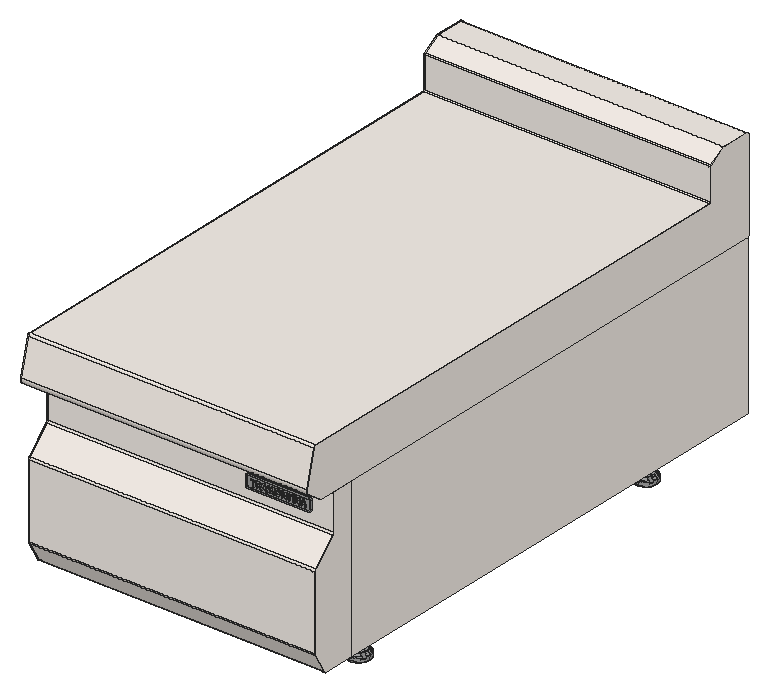
Revit family "67391907_Elemento neutro de apoio 400", category Mechanical Equipment, Revit 2019
Family settings
  Round Connector Dimension = Use Diameter
  Classification = None
  Part Type = Normal
  Work Plane-Based = No
  Always vertical = Yes
  Cut with Voids When Loaded = No
  Shared = No
  Room Calculation Point = No
Parameters
  RFA Designer = "Projetos e Eventos Consultoria"  # constant formula
  Pés Niveladores [instance] = yes
  Model = "67391907"  # constant formula
  Manufacturer = "Tramontina"  # constant formula
  Draw by = "Projetos e Eventos Consultoria"  # constant formula
  Description = "Elemento neutro de apoio 400 - Countertop"  # constant formula
  Contact RFA Designer Family = "celbbarrossp@gmail.com"  # constant formula
Reference planes
  plane 1 "Center (Front/Back)": y = 0
  plane 2: z = 0
  plane 3 "Center (Left/Right)": x = 0
Forms (mm)
  Extrusion 1, solid, material "Metal"
    sketch origin (0, 0, 0) x (1, 0, 0) y (0, 1, 0)
      loop
        line (0, -692.5) -> (400, -692.5) -> (400, 0) -> (0, 0) -> (0, -692.5)
      loop
        line (0.8, -0.8) -> (0.8, -691.7) -> (399.2, -691.7) -> (399.2, -0.8) -> (0.8, -0.8)
    from 32 to 252
  Extrusion 2, solid, material "chapa"
    sketch origin (0, 0, 0) x (1, 0, 0) y (0, 1, 0)
      loop
        line (0.8, -0.8) -> (0.8, -691.7) -> (399.2, -691.7) -> (399.2, -0.8) -> (0.8, -0.8)
    from 32 to 32.8
  Extrusion 3, solid, material "Metal"
    sketch origin (0, 0, 32) x (0, 1, 0) y (0, 0, 1)
      loop
        line (-2.017, 351.159) -> (-41.041, 351.159)
        arc (-41.041, 351.159) -> (-41.456, 351.102) -> (-41.842, 350.936) r 1.556
        line (-41.842, 350.936) -> (-63.832, 337.723)
        arc (-63.832, 337.723) -> (-64.593, 336.942) -> (-64.871, 335.887) r 2.142
        line (-64.871, 335.887) -> (-64.871, 292.176)
        arc (-64.871, 292.176) -> (-65.195, 291.394) -> (-65.977, 291.07) r 1.106
        line (-65.977, 291.07) -> (-752.102, 291.07)
        arc (-752.102, 291.07) -> (-753.944, 290.445) -> (-755.024, 288.827) r 3.026
        line (-755.024, 288.827) -> (-767.7, 241.52)
        arc (-767.7, 241.52) -> (-767.516, 237.299) -> (-764.943, 233.947) r 7.026
        line (-764.943, 233.947) -> (-746.317, 220.904)
        arc (-746.317, 220.904) -> (-744.952, 220.231) -> (-743.449, 220) r 5
        line (-743.449, 220) -> (-2.011, 220)
        arc (-2.011, 220) -> (-0.589, 220.589) -> (0, 222.011) r 2.011
        line (0, 222.011) -> (0, 349.142)
        arc (0, 349.142) -> (-0.591, 350.568) -> (-2.017, 351.159) r 2.017
    from 0 to 0.8
  Extrusion 4, solid, material "Metal"
    sketch origin (0, 0, 32) x (0, 1, 0) y (0, 0, 1)
      loop
        arc (0, 349.142) -> (-0.591, 350.568) -> (-2.017, 351.159) r 2.017
        line (-2.017, 351.159) -> (-41.041, 351.159)
        arc (-41.041, 351.159) -> (-41.456, 351.102) -> (-41.842, 350.936) r 1.556
        line (-41.842, 350.936) -> (-63.832, 337.723)
        arc (-63.832, 337.723) -> (-64.593, 336.942) -> (-64.871, 335.887) r 2.142
        line (-64.871, 335.887) -> (-64.871, 292.176)
        arc (-64.871, 292.176) -> (-65.195, 291.394) -> (-65.977, 291.07) r 1.106
        line (-65.977, 291.07) -> (-752.102, 291.07)
        arc (-752.102, 291.07) -> (-753.944, 290.445) -> (-755.024, 288.827) r 3.026
        line (-755.024, 288.827) -> (-767.7, 241.52)
        arc (-767.7, 241.52) -> (-767.516, 237.299) -> (-764.943, 233.947) r 7.026
        line (-764.943, 233.947) -> (-746.317, 220.904)
        arc (-746.317, 220.904) -> (-744.952, 220.231) -> (-743.449, 220) r 5
        line (-743.449, 220) -> (-2.011, 220)
        arc (-2.011, 220) -> (-0.589, 220.589) -> (0, 222.011) r 2.011
        line (0, 222.011) -> (0, 349.142)
      loop
        arc (-0.8, 349.142) -> (-1.156, 350.002) -> (-2.017, 350.359) r 1.217
        line (-2.017, 350.359) -> (-41.25, 350.359) -> (-63.42, 337.037)
        arc (-63.42, 337.037) -> (-63.897, 336.548) -> (-64.071, 335.887) r 1.342
        line (-64.071, 335.887) -> (-64.071, 292.176)
        arc (-64.071, 292.176) -> (-64.629, 290.828) -> (-65.977, 290.27) r 1.906
        line (-65.977, 290.27) -> (-752.102, 290.27)
        arc (-752.102, 290.27) -> (-753.457, 289.81) -> (-754.251, 288.62) r 2.226
        line (-754.251, 288.62) -> (-766.927, 241.313)
        arc (-766.927, 241.313) -> (-766.764, 237.573) -> (-764.485, 234.602) r 6.226
        line (-764.485, 234.602) -> (-745.858, 221.56)
        arc (-745.858, 221.56) -> (-744.712, 220.994) -> (-743.449, 220.8) r 4.2
        line (-743.449, 220.8) -> (-2.011, 220.8)
        arc (-2.011, 220.8) -> (-1.155, 221.155) -> (-0.8, 222.011) r 1.211
        line (-0.8, 222.011) -> (-0.8, 349.142)
    from 0.8 to 399.2
  Extrusion 5, solid, material "Metal"
    sketch origin (399.2, 0, 32) x (0, 1, 0) y (0, 0, 1)
      loop
        line (-2.017, 351.159) -> (-41.041, 351.159)
        arc (-41.041, 351.159) -> (-41.456, 351.102) -> (-41.842, 350.936) r 1.556
        line (-41.842, 350.936) -> (-63.832, 337.723)
        arc (-63.832, 337.723) -> (-64.593, 336.942) -> (-64.871, 335.887) r 2.142
        line (-64.871, 335.887) -> (-64.871, 292.176)
        arc (-64.871, 292.176) -> (-65.195, 291.394) -> (-65.977, 291.07) r 1.106
        line (-65.977, 291.07) -> (-752.102, 291.07)
        arc (-752.102, 291.07) -> (-753.944, 290.445) -> (-755.024, 288.827) r 3.026
        line (-755.024, 288.827) -> (-767.7, 241.52)
        arc (-767.7, 241.52) -> (-767.516, 237.299) -> (-764.943, 233.947) r 7.026
        line (-764.943, 233.947) -> (-746.317, 220.904)
        arc (-746.317, 220.904) -> (-744.952, 220.231) -> (-743.449, 220) r 5
        line (-743.449, 220) -> (-2.011, 220)
        arc (-2.011, 220) -> (-0.589, 220.589) -> (0, 222.011) r 2.011
        line (0, 222.011) -> (0, 349.142)
        arc (0, 349.142) -> (-0.591, 350.568) -> (-2.017, 351.159) r 2.017
    from 0 to 0.8
  Extrusion 6, solid, material "Metal"
    sketch origin (0, 0, 32) x (0, 1, 0) y (0, 0, 1)
      loop
        line (-692.5, 218.848) -> (-719.478, 218.848)
        arc (-719.478, 218.848) -> (-720.861, 218.275) -> (-721.433, 216.892) r 1.956
        line (-721.433, 216.892) -> (-721.433, 168.592)
        arc (-721.433, 168.592) -> (-721.779, 166.854) -> (-722.763, 165.381) r 4.54
        line (-722.763, 165.381) -> (-751.95, 136.195)
        arc (-751.95, 136.195) -> (-753.034, 134.572) -> (-753.414, 132.659) r 5
        line (-753.414, 132.659) -> (-753.414, 30.694)
        arc (-753.414, 30.694) -> (-753.244, 29.4) -> (-752.744, 28.194) r 5
        line (-752.744, 28.194) -> (-737.306, 1.454)
        arc (-737.306, 1.454) -> (-736.242, 0.39) -> (-734.788, 0) r 2.907
        line (-734.788, 0) -> (-692.5, 0) -> (-692.5, 218.848)
    from 0 to 0.8
  Extrusion 7, solid, material "Metal"
    sketch origin (0, 0, 32) x (0, 1, 0) y (0, 0, 1)
      loop
        line (-692.5, 218.848) -> (-719.478, 218.848)
        arc (-719.478, 218.848) -> (-720.861, 218.275) -> (-721.433, 216.892) r 1.956
        line (-721.433, 216.892) -> (-721.433, 168.592)
        arc (-721.433, 168.592) -> (-721.779, 166.854) -> (-722.763, 165.381) r 4.54
        line (-722.763, 165.381) -> (-751.95, 136.195)
        arc (-751.95, 136.195) -> (-753.034, 134.572) -> (-753.414, 132.659) r 5
        line (-753.414, 132.659) -> (-753.414, 30.694)
        arc (-753.414, 30.694) -> (-753.244, 29.4) -> (-752.744, 28.194) r 5
        line (-752.744, 28.194) -> (-737.306, 1.454)
        arc (-737.306, 1.454) -> (-736.242, 0.39) -> (-734.788, 0) r 2.907
        line (-734.788, 0) -> (-692.5, 0) -> (-692.5, 218.848)
      loop
        line (-693.3, 0.8) -> (-693.3, 218.048) -> (-719.478, 218.048)
        arc (-719.478, 218.048) -> (-720.295, 217.71) -> (-720.633, 216.892) r 1.156
        line (-720.633, 216.892) -> (-720.633, 168.592)
        arc (-720.633, 168.592) -> (-721.04, 166.548) -> (-722.197, 164.816) r 5.34
        line (-722.197, 164.816) -> (-751.384, 135.629)
        arc (-751.384, 135.629) -> (-752.295, 134.266) -> (-752.614, 132.659) r 4.2
        line (-752.614, 132.659) -> (-752.614, 30.694)
        arc (-752.614, 30.694) -> (-752.471, 29.607) -> (-752.052, 28.594) r 4.2
        line (-752.052, 28.594) -> (-736.613, 1.854)
        arc (-736.613, 1.854) -> (-735.842, 1.082) -> (-734.788, 0.8) r 2.107
        line (-734.788, 0.8) -> (-693.3, 0.8)
    from 0.8 to 399.243
  Extrusion 8, solid, material "Metal"
    sketch origin (400.043, 0, 32) x (0, 1, 0) y (0, 0, -1)
      loop
        line (-692.5, -218.848) -> (-692.5, 0) -> (-734.788, 0)
        arc (-734.788, 0) -> (-736.242, -0.39) -> (-737.306, -1.454) r 2.907
        line (-737.306, -1.454) -> (-752.744, -28.194)
        arc (-752.744, -28.194) -> (-753.244, -29.4) -> (-753.414, -30.694) r 5
        line (-753.414, -30.694) -> (-753.414, -132.659)
        arc (-753.414, -132.659) -> (-753.034, -134.572) -> (-751.95, -136.195) r 5
        line (-751.95, -136.195) -> (-722.763, -165.381)
        arc (-722.763, -165.381) -> (-721.779, -166.854) -> (-721.433, -168.592) r 4.54
        line (-721.433, -168.592) -> (-721.433, -216.892)
        arc (-721.433, -216.892) -> (-720.861, -218.275) -> (-719.478, -218.848) r 1.956
        line (-719.478, -218.848) -> (-692.5, -218.848)
    from 0 to 0.8
  Extrusion 9, void
    sketch origin (0, 0, 32) x (1, 0, 0) y (0, 0, 1)
      loop
        line (41.8, 211.625) -> (41.8, 208.625) -> (71.8, 208.625) -> (71.8, 211.625) -> (41.8, 211.625)
      loop
        line (112.8, 211.625) -> (112.8, 208.625) -> (142.8, 208.625) -> (142.8, 211.625) -> (112.8, 211.625)
      loop
        line (183.8, 211.625) -> (183.8, 208.625) -> (213.8, 208.625) -> (213.8, 211.625) -> (183.8, 211.625)
      loop
        line (254.8, 211.625) -> (254.8, 208.625) -> (284.8, 208.625) -> (284.8, 211.625) -> (254.8, 211.625)
      loop
        line (325.8, 211.625) -> (325.8, 208.625) -> (355.8, 208.625) -> (355.8, 211.625) -> (325.8, 211.625)
    from 671.284 to 783.304
Cuts and joins
  Extrusion 9 cuts Extrusion 1
  Extrusion 9 cuts Extrusion 7
Dimensions and locks
  aligned and locked: level to plane 2
Nested families
  nested 1: "logo" at (278.75, -721.433, 215.048) x (1, 0, 0) z (0, -1, 0), type "logo"
  nested 2: "Pé nivelador" at (30, -640, -0.041), visible <- "Pés Niveladores", type "Pé nivelador"
  nested 3: "Pé nivelador" at (370, -640, -0.041), visible <- "Pés Niveladores", type "Pé nivelador"
  nested 4: "Pé nivelador" at (30, -140, -0.041), visible <- "Pés Niveladores", type "Pé nivelador"
  nested 5: "Pé nivelador" at (370, -140, -0.041), visible <- "Pés Niveladores", type "Pé nivelador"
Definition of nested family "logo"
  Parameters (values of type "logo")
    Default Elevation = 1219.2 mm
  Reference planes
    plane 1 "Center (Front/Back)": y = 0
    plane 2: z = 0
    plane 3 "Center (Left/Right)": x = 0
  Forms (mm)
    Extrusion 1, solid
      sketch origin (0, 0, 0) x (1, 0, 0) y (0, 1, 0)
        loop
          line (-1219.2, 1219.2) -> (-1219.2, -1219.2) -> (1219.2, -1219.2) -> (1219.2, 1219.2) -> (-1219.2, 1219.2)
      from 0 to -304.8
    Extrusion 2, solid
      sketch origin (0, 0, 0) x (1, 0, 0) y (0, 1, 0)
        loop
          line (7.411, 13.009) -> (7.411, 11.471) -> (9.698, 11.471) -> (9.698, 4.536) -> (11.429, 4.536) -> (11.429, 11.471) -> (13.723, 11.471) -> (13.723, 13.009) -> (7.411, 13.009)
        loop
          line (14.647, 13.009) -> (14.647, 4.536) -> (16.134, 4.536) -> (16.134, 7.699) -> (17.352, 7.699) -> (19.034, 4.536) -> (20.731, 4.536) -> (18.809, 8.004)
          arc (18.809, 8.004) -> (20.191, 10.949) -> (17.673, 13.009) r 2.646
          line (17.673, 13.009) -> (14.647, 13.009)
        loop
          line (16.134, 9.183) -> (17.519, 9.183)
          arc (17.519, 9.183) -> (18.681, 10.345) -> (17.519, 11.507) r 1.162
          line (17.519, 11.507) -> (16.134, 11.507) -> (16.134, 9.183)
        loop
          line (20.935, 4.536) -> (22.654, 4.536) -> (23.29, 6.385) -> (26.588, 6.385) -> (27.373, 4.536) -> (29.032, 4.536) -> (25.779, 13.009) -> (24.131, 13.009) -> (20.935, 4.536)
        loop
          line (29.373, 4.536) -> (31.046, 4.536) -> (31.752, 10.286) -> (33.667, 5.296) -> (34.987, 5.296) -> (36.866, 10.193) -> (37.534, 4.536) -> (39.316, 4.536) -> (37.974, 13.009) -> (36.517, 13.009) -> (34.36, 7.441) -> (32.185, 13.009) -> (30.696, 13.009) -> (29.373, 4.536)
        loop
          circle (43.975, 8.719) r 4.293
        loop
          circle (43.975, 8.719) r 2.793
        loop
          line (49.363, 13.009) -> (49.363, 4.58) -> (50.987, 4.58) -> (50.987, 10.3) -> (54.946, 4.58) -> (56.448, 4.58) -> (56.448, 13.009) -> (54.843, 13.009) -> (54.843, 7.177) -> (50.928, 13.009) -> (49.363, 13.009)
        loop
          line (57.393, 13.009) -> (57.393, 11.471) -> (59.68, 11.471) -> (59.68, 4.536) -> (61.411, 4.536) -> (61.411, 11.471) -> (63.704, 11.471) -> (63.704, 13.009) -> (57.393, 13.009)
        loop
          line (75.863, 4.536) -> (77.581, 4.536) -> (78.218, 6.385) -> (81.515, 6.385) -> (82.3, 4.536) -> (83.959, 4.536) -> (80.707, 13.009) -> (79.058, 13.009) -> (75.863, 4.536)
        loop
          line (64.665, 13.009) -> (64.665, 4.536) -> (66.362, 4.536) -> (66.362, 13.009) -> (64.665, 13.009)
        loop
          line (67.94, 13.009) -> (67.94, 4.58) -> (69.565, 4.58) -> (69.565, 10.3) -> (73.524, 4.58) -> (75.026, 4.58) -> (75.026, 13.009) -> (73.421, 13.009) -> (73.421, 7.177) -> (69.505, 13.009) -> (67.94, 13.009)
        loop
          line (26.031, 8.003) -> (24.939, 11.173) -> (23.848, 8.003) -> (26.031, 8.003)
        loop
          line (80.958, 8.003) -> (79.867, 11.173) -> (78.775, 8.003) -> (80.958, 8.003)
      from 1.5 to 2
    Extrusion 3, solid
      sketch origin (0, 0, 0) x (1, 0, 0) y (0, 1, 0)
        loop
          arc (3.75, 18.589) -> (1.098, 17.491) -> (0, 14.839) r 3.75
          line (0, 14.839) -> (0, 3.75)
          arc (0, 3.75) -> (1.098, 1.098) -> (3.75, 0) r 3.75
          line (3.75, 0) -> (87.075, 0)
          arc (87.075, 0) -> (89.727, 1.098) -> (90.825, 3.75) r 3.75
          line (90.825, 3.75) -> (90.825, 14.839)
          arc (90.825, 14.839) -> (89.727, 17.491) -> (87.075, 18.589) r 3.75
          line (87.075, 18.589) -> (3.75, 18.589)
        loop
          arc (3.75, 17.089) -> (2.159, 16.43) -> (1.5, 14.839) r 2.25
          line (1.5, 14.839) -> (1.5, 3.75)
          arc (1.5, 3.75) -> (2.159, 2.159) -> (3.75, 1.5) r 2.25
          line (3.75, 1.5) -> (87.075, 1.5)
          arc (87.075, 1.5) -> (88.666, 2.159) -> (89.325, 3.75) r 2.25
          line (89.325, 3.75) -> (89.325, 14.839)
          arc (89.325, 14.839) -> (88.666, 16.43) -> (87.075, 17.089) r 2.25
          line (87.075, 17.089) -> (3.75, 17.089)
      from 0 to 2.5
    Extrusion 4, solid
      sketch origin (0, 0, 0) x (1, 0, 0) y (0, 1, 0)
        loop
          arc (3.75, 17.089) -> (2.159, 16.43) -> (1.5, 14.839) r 2.25
          line (1.5, 14.839) -> (1.5, 3.75)
          arc (1.5, 3.75) -> (2.159, 2.159) -> (3.75, 1.5) r 2.25
          line (3.75, 1.5) -> (87.075, 1.5)
          arc (87.075, 1.5) -> (88.666, 2.159) -> (89.325, 3.75) r 2.25
          line (89.325, 3.75) -> (89.325, 14.839)
          arc (89.325, 14.839) -> (88.666, 16.43) -> (87.075, 17.089) r 2.25
          line (87.075, 17.089) -> (3.75, 17.089)
      from 0 to 1.5
  Dimensions and locks
    aligned and locked: plane 2 to Extrusion 1
    aligned and locked: level to Extrusion 1
Definition of nested family "Pé nivelador"
  Reference planes
    plane 1 "Center (Front/Back)": y = 0
    plane 2: z = 0
    plane 3 "Center (Left/Right)": x = 0
  Forms (mm)
    Revolve 1, solid
      sketch origin (0, 0, 0) x (1, 0, 0) y (0, 0, 1)
        loop
          line (-14.395, 0) -> (-0.163, 0) -> (-0.163, 8.5) -> (-4.145, 8.5) -> (-4.145, 9.48)
          arc (-4.145, 9.48) -> (-4.297, 9.848) -> (-4.665, 10) r 0.52
          line (-4.665, 10) -> (-10.266, 10)
          arc (-10.266, 10) -> (-10.805, 9.899) -> (-11.272, 9.61) r 1.491
          line (-11.272, 9.61) -> (-14.561, 6.604)
          arc (-14.561, 6.604) -> (-14.808, 6.262) -> (-14.895, 5.849) r 1.024
          line (-14.895, 5.849) -> (-14.895, 0.5)
          arc (-14.895, 0.5) -> (-14.748, 0.146) -> (-14.395, 0) r 0.5
        axis (0, 10) -> (0, 0)
      angle from 0 to 360
    Extrusion 2, void
      sketch origin (-0.163, 131.993, 0) x (1, 0, 0) y (0, 1, 0)
        loop
          circle (0, -145.993) r 3
      from 3 to 35
    Extrusion 3, void
      sketch origin (-114.48, 66.011, 0) x (0.5, 0.866025, 0) y (-0.866025, 0.5, 0)
        loop
          circle (0, -145.993) r 3
      from 3 to 35
    Extrusion 4, void
      sketch origin (-114.498, -65.981, 0) x (-0.5, 0.866025, 0) y (-0.866025, -0.5, 0)
        loop
          circle (0, -145.993) r 3
      from 3 to 35
    Extrusion 5, void
      sketch origin (-0.197, -131.993, 0) x (-1, 0, 0) y (0, -1, 0)
        loop
          circle (0, -145.993) r 3
      from 3 to 35
    Extrusion 6, void
      sketch origin (114.121, -66.011, 0) x (-0.5, -0.866025, 0) y (0.866025, -0.5, 0)
        loop
          circle (0, -145.993) r 3
      from 3 to 35
    Extrusion 7, void
      sketch origin (114.138, 65.981, 0) x (0.5, -0.866025, 0) y (0.866025, 0.5, 0)
        loop
          circle (0, -145.993) r 3
      from 3 to 35
    Extrusion 8, solid
      sketch origin (0, 0, 7.041) x (1, 0, 0) y (0, 1, 0)
        loop
          circle (0.024, 0) r 3.3
      from 1.5 to 25
  Cuts and joins
    Extrusion 2, Extrusion 3, Extrusion 4, Extrusion 5, Extrusion 6, Extrusion 7 cuts Revolve 1
  Dimensions and locks
    aligned and locked: level to plane 2
